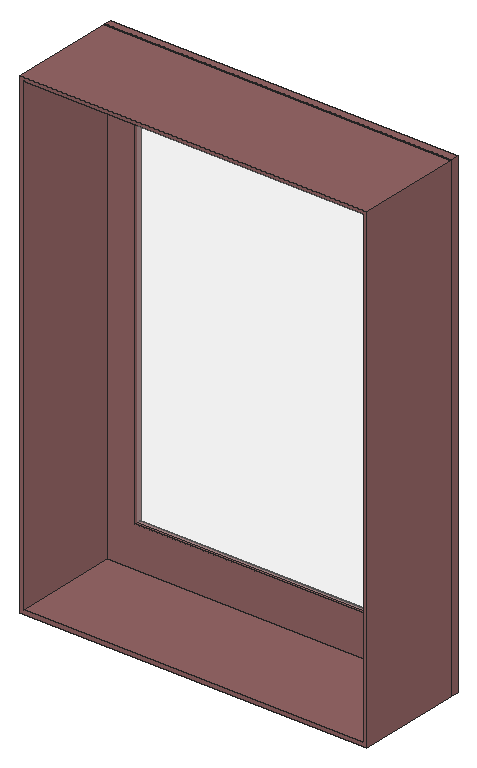
Revit family "M_Gabinete de mangueira de incêndio", category Equipamento especial, Revit 2019
Family settings
  Hospedeiro = Parede
  Cota do conector redondo = Utilizar diâmetro
  Tipo de parte = Normal
  Número OmniClass = 23.65.70.17.11.27
  Título OmniClass = Cabinets for Fire Hoses
  ID de item do Seek = Fire Hose Cabinet-0000-CAN-ENU
  Sempre na vertical = Sim
  Corte com vazios quando carregada = Não
  Compartilhado = Não
  Ponto de cálculo do ambiente = Não
Parameters (values of type "660 x 215 x 915mm")
  Material do armário = Metal - Acabamento pintado - Vermelho indiano, fosco
  Linear = 215.00 mm
  Painel de vidro = Vidro
  Altura = 915.00 mm
  Altura de montagem = 915.00 mm
  Largura = 660.00 mm
Types (4, lengths in mm): name | Altura | Largura
  (no name) | 915.00 | 660.00
  660 x 215 x 915mm | 915.00 | 660.00
  635 x 215 x 890mm | 890.00 | 635.00
  610 x 215 x 864mm | 864.00 | 610.00
Reference planes
  plane 1: y = 0
  plane 2 "Centro": x = -109.648
  plane 3: x = 220.352
  plane 4: x = -439.648
  plane 5: z = 1830
  plane 6: x = 163.202
  plane 7: x = -382.498
  plane 8: z = 915
  plane 9: y = 291.2
  plane 10: y = 76.2
  plane 11: y = 275.325
Forms (mm)
  Extrusion 1, solid, material "Metal - Acabamento pintado - Vermelho indiano, fosco" <- "Material do armário"
    sketch origin (0, 291.2, 0) x (0, 0, -1) y (-1, 0, 0)
      loop
        line (-1830, -220.352) -> (-915, -220.352) -> (-915, 439.648) -> (-1830, 439.648) -> (-1830, -220.352)
      loop
        line (-1747.45, -163.202) -> (-997.55, -163.202) -> (-997.55, 382.498) -> (-1747.45, 382.498) -> (-1747.45, -163.202)
    from 0 to -12.7
  Extrusion 2, solid, material "Vidro" <- "Painel de vidro"
    sketch origin (0, 291.2, 0) x (0, 0, -1) y (-1, 0, 0)
      loop
        line (-1747.45, -163.202) -> (-997.55, -163.202) -> (-997.55, 382.498) -> (-1747.45, 382.498) -> (-1747.45, -163.202)
    from -3.175 to -9.525
  Extrusion 3, solid, material "Metal - Acabamento pintado - Vermelho indiano, fosco" <- "Material do armário"
    sketch origin (0, 76.2, 0) x (0, 0, -1) y (-1, 0, 0)
      loop
        line (-1830, -220.352) -> (-915, -220.352) -> (-915, 439.648) -> (-1830, 439.648) -> (-1830, -220.352)
      loop
        line (-1823.65, -214.002) -> (-921.35, -214.002) -> (-921.35, 433.298) -> (-1823.65, 433.298) -> (-1823.65, -214.002)
    from 0 to 199.125
Lines and regions (mm)
  symbolic lines
    curve 1: line (-439.648, 275.325, 0) -> (220.352, 275.325, 0)
    curve 2: line (-439.648, 288.025, 0) -> (220.352, 288.025, 0)
    curve 3: line (-439.648, 76.2, 0) -> (-439.648, 288.025, 0)
    curve 4: line (220.352, 76.2, 0) -> (-439.648, 76.2, 0)
    curve 5: line (220.352, 288.025, 0) -> (220.352, 76.2, 0)
Text (mm)
  text "Parte frontal" at (0, 444.178, 2460.369), in view "Direita"
  text "Parte frontal" at (-811.708, 558.621, 0), in view "Nível de referência"
  text "Parte frontal" at (0, 983.686, 2280.973), in view "Esquerda"
Dimensions and locks
  "Largura": plane 3 to plane 4
  equal spacing: plane 3, plane 2 "Centro", plane 4
  locked: plane 3 to plane 6 at 57.15
  locked: plane 7 to plane 4 at 57.15
  "Altura de montagem": host wall to plane 8
  "Altura": plane 8 to plane 5
  "Linear": plane 9 to plane 10
  locked: plane 9 to plane 11 at 15.875
  aligned and locked: host wall to curve 4
  aligned and locked: plane 10 to host wall
  aligned and locked: plane 11 to Extrusion 3
Automatic sketch dimensions
  curve 1 to plane 4 = 0.00 mm
  curve 4 to plane 3 = 0.00 mm
  curve 1 to curve 2 = 12.70 mm
  Extrusion 1 sketch curve to plane 4 = 0.00 mm
  Extrusion 1 sketch curve to plane 5 = 0.00 mm
  Extrusion 1 sketch curve to plane 6 = 0.00 mm
  Extrusion 1 sketch curve to plane 7 = 0.00 mm
  Extrusion 1 sketch curve to plane 8 = 0.00 mm
  Extrusion 1 sketch curve to plane 3 = 0.00 mm
  plane 5 to Extrusion 1 sketch curve = 82.55 mm
  Extrusion 1 sketch curve to plane 8 = 82.55 mm
  Extrusion 2 sketch curve to plane 7 = 0.00 mm
  Extrusion 2 sketch curve to plane 6 = 0.00 mm
  plane 5 to Extrusion 2 sketch curve = 82.55 mm
  Extrusion 2 sketch curve to plane 8 = 82.55 mm
  curve 1 to plane 11 = 0.00 mm
  Extrusion 3 sketch curve to plane 4 = 0.00 mm
  Extrusion 3 sketch curve to plane 5 = 0.00 mm
  Extrusion 3 sketch curve to plane 8 = 0.00 mm
  Extrusion 3 sketch curve to plane 3 = 0.00 mm
  plane 5 to Extrusion 3 sketch curve = 6.35 mm
  Extrusion 3 sketch curve to plane 8 = 6.35 mm
  Extrusion 3 sketch curve to plane 3 = 6.35 mm
  plane 4 to Extrusion 3 sketch curve = 6.35 mm
